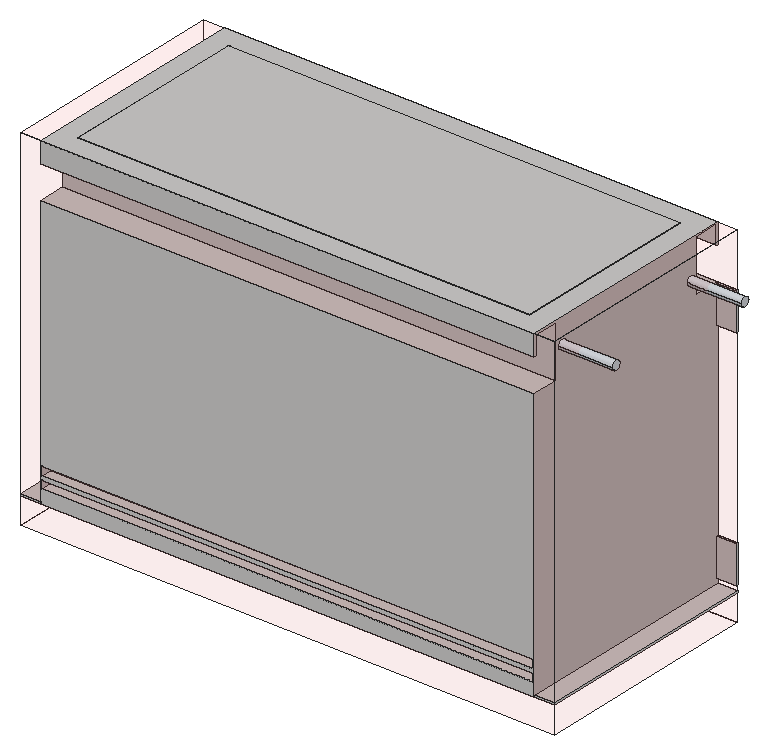
Revit family "Air-Curtain_Climate-Control_PoweredAire_THS", category Mechanical Equipment, host Face, Revit 2023
Family settings
  Host = Face
  Round Connector Dimension = Use Diameter
  Part Type = Normal
  OmniClass Number = 23.75.35.17.21
  OmniClass Title = Air Curtains
  Cut with Voids When Loaded = No
  Maintain Annotation Orientation = No
  Shared = No
  Room Calculation Point = No
Parameters
  upperrotation [instance] = if(Upper Pipe Connection Side A, 0.00°, 180.00°)  # 0.00°
  lowerrotation [instance] = if(Lower Pipe Connection Side A, 0.00°, 180.00°)  # 0.00°
  locateupperpipe [instance] = if(Upper Pipe Connection Side A, 0' 0", Nozzle Width)  # 0' - 0"
  locatelowerpipe [instance] = if(Lower Pipe Connection Side A, 0' 0", Nozzle Width)  # 0' - 0"
  Warranty Duration (Years) = 0
  Upper Pipe Connection Side A [instance] = yes
  Unit Width Notes = "Other Widths available."  # constant formula
  Unit Width = 3' - 3"
  Unit Weight = 0
  Unit Height = 1' - 4 3/4"
  Unit Depth [instance] = if(Include Filters, 2' 1 7/8", 1' 11 3/4")  # 1' - 11 3/4"
  URL = "http://www.poweredaire.com/"
  Test Data = ""
  Temperature Rise_Range = "as Specified"
  Standards Conformance = "as Specified"
  Specification = "http://www.arcat.com/sdspecs/htm04/23_34_33pai.htm"
  SpecWizard = ""
  Sound Pressure = "as Specified"
  Sales Information = "http://www.poweredaire.com/contact_us"
  Revision = "R1_2016-08"
  Projection from Host [instance] = 0' - 2"
  Product Properties = ""
  Product Data = "http://www.arcat.com/arcatcos/cos47/arc47623.html"
  Power Rating = 0 W
  Piping_Water Flow [instance] = 0 GPM
  Piping_Operating Pressure [instance] = 0.00 psi
  Piping_Exit Temperature [instance] = 0 °F
  Piping_Entry Temperature [instance] = 0 °F
  Pipe OD [instance] = 5/8"
  Outlet Volume_Range = "as Specified"
  Outlet Velocity_Range = "as Specified"
  Nozzle Width = if(1 = 1, Unit Width - 0' 3", 0' 0")  # 3' - 0"
  Mounting Width = if(1 = 1, Unit Width - 0' 1 1/2", 0' 0")  # 3' - 1 1/2"
  Mounting Height [instance] = 3' - 6"
  Motor RPM = 0
  Motor HP = 0
  Motor Count = 0
  Model = "As Specified"
  Max Height = 0' - 0"
  Manufacturer Website = "http://www.poweredaire.com/"
  Manufacturer Phone - Toll Free = "888-321-2473"
  Manufacturer Phone = "724-588-3305"
  Manufacturer Fax = "724-588-3371"
  Manufacturer Address = "109 Mortensen Rd.  Greenville, PA 16125"
  Manufacturer = "Powered Aire, Inc"
  Maintenance Schedule (Months) = 0
  Lower Pipe Connection Side A [instance] = yes
  Keynote = "23 34 33"
  Installation-Fabrication = ""
  Installation Phase = ""
  Include Filters [instance] = no
  Include Clearance [instance] = yes
  Heating Element Load = 0 W
  HVAC_Temperature Rise [instance] = 0 °F
  HVAC_Outlet Volume [instance] = 0 CFM
  HVAC_Outlet Velocity Uniformity = 0
  HVAC_Outlet Velocity [instance] = 0 FPM
  HVAC_BTU Input = 0.0 Btu/h
  Green Building-LEED = "http://www.arcat.com/green/clients/leed_data_47623.html"
  Front Grating Material [instance] = Metal - Steel - PoweredAire - Stainless 304 Perforated
  Frame Finish [instance] = Metal - Steel - PoweredAire - Stainless 304
  Expected Lifespan (Years) = 0
  Electrical_Wattage [instance] = Power Rating + Heating Element Load  # 0 W
  Electrical_Voltage [instance] = 0 V
  Electrical_Phase [instance] = 1
  Electrical_Frequency [instance] = 0 Hz
  Electrical_Amperage [instance] = 0 A
  Drawn By = "Sumex Design, Inc. / Robert S. Weygant, CSI, CDT, SCIP"
  Description = "Powered Aire Air Curtain as Specified"
  Default Elevation = 0' - 0"  # constant formula
  Copyright = "©Arcat Inc."
  Construction Details = "http://www.arcat.com/details/powair/prod3336.html"
  Clearance_Top [instance] = 0' - 0"
  Clearance_Side B [instance] = 0' - 0"
  Clearance_Side A [instance] = 0' - 0"
  Clearance_Intake [instance] = 0' - 0"
  Clearance_Bottom [instance] = 0' - 0"
  Clearance Material [instance] = ARCAT Clearance
  Building Codes = ""
  Available Options [instance] = "as Specified"
  Assembly Code = "D3090400"
Reference planes (in)
  plane 1 "Center (Elevation)": y = 0.13818
  plane 2: z = 0
  plane 3 "Center (Left/Right)": x = 0
  plane 4: y = 8.51318
  plane 5: y = -8.23682
  plane 6: x = -19.5
  plane 7: x = 19.5
  plane 8: z = 25.75
  plane 9 "FF": y = -41.86182
  plane 10: z = 2
  plane 11: x = 18
  plane 12: x = -18
  plane 13: y = 8.51318
  plane 14: y = -8.23682
  plane 15: x = -19.5
  plane 16: x = 19.5
  plane 17: z = 25.75
  plane 18: x = 17.9375
  plane 19: x = -17.9375
  plane 20: x = 18
  plane 21: x = 18
  plane 22: y = 6.01318
  plane 23: y = -5.73682
Forms (in)
  Extrusion 1, solid, material "Metal - Steel - PoweredAire - Stainless 304" <- "Frame Finish"
    sketch origin (0, 0, 0) x (0, 1, 0) y (0, 0, 1)
      loop
        line (-8.23682, 2) -> (8.51318, 2) -> (8.51318, 21.8125) -> (6.51318, 21.8125) -> (6.51318, 25.625) -> (8.38818, 25.625) -> (8.38818, 24.25) -> (8.51318, 24.25) -> (8.51318, 25.75) -> (-8.23682, 25.75) -> (-8.23682, 24.25) -> (-8.11182, 24.25) -> (-8.11182, 25.625) -> (-6.23682, 25.625) -> (-6.23682, 21.8125) -> (-8.23682, 21.8125) -> (-8.23682, 2)
    from -18 to 18
  Extrusion 2, solid, material "ARCAT Clearance" <- "Clearance Material", visible <- "Include Clearance"
    sketch origin (0, 0, 0) x (0, 1, 0) y (0, 0, 1)
      loop
        line (-8.23682, 25.75) -> (-8.23682, 0) -> (8.51318, 0) -> (8.51318, 25.75) -> (-8.23682, 25.75)
    from -19.5 to 19.5
  Extrusion 3, solid, material "Metal - Steel - PoweredAire - Stainless 304" <- "Frame Finish"
    sketch origin (-15.17702, -180, 2) x (-1, 0, 0) y (0, -1, 0)
      loop
        line (-33.17702, -188.51318) -> (-33.17702, -171.76318) -> (-34.67702, -171.76318) -> (-34.67702, -188.51318) -> (-33.17702, -188.51318)
      loop
        line (2.82298, -188.51318) -> (4.32298, -188.51318) -> (4.32298, -171.76318) -> (2.82298, -171.76318) -> (2.82298, -188.51318)
    from 0 to 0.125
  Extrusion 4, solid, material "Metal - Steel - PoweredAire - Stainless 304" <- "Frame Finish"
    sketch origin (-11.83813, 8.51318, 48) x (-1, 0, 0) y (0, 0, 1)
      loop
        line (-29.83813, -45.5) -> (-29.83813, -42.75) -> (-31.33813, -42.75) -> (-31.33813, -45.5) -> (-29.83813, -45.5)
      loop
        line (-29.83813, -28.9375) -> (-29.83813, -26.1875) -> (-31.33813, -26.1875) -> (-31.33813, -28.9375) -> (-29.83813, -28.9375)
      loop
        line (6.16187, -45.5) -> (7.66187, -45.5) -> (7.66187, -42.75) -> (6.16187, -42.75) -> (6.16187, -45.5)
      loop
        line (6.16187, -28.9375) -> (7.66187, -28.9375) -> (7.66187, -26.1875) -> (6.16187, -26.1875) -> (6.16187, -28.9375)
    from 0 to -0.125
  Extrusion 5, void
    sketch origin (0, 0, 0) x (0, 1, 0) y (0, 0, 1)
      loop
        line (-8.23682, 3) -> (-7.23682, 3) -> (-7.23682, 4.5) -> (-8.23682, 4.5) -> (-8.23682, 3.82425) -> (-7.38364, 3.82425) -> (-7.38364, 3.57425) -> (-8.23682, 3.57425) -> (-8.23682, 3)
    from -17.9375 to 17.9375
  Extrusion 6, solid, material "Metal - Steel - PoweredAire - Stainless 304 Perforated" <- "Front Grating Material"
    sketch origin (0, -8.23682, 25.75) x (0, 1, 0) y (-1, 0, 0)
      loop
        line (15.25, 16.5) -> (1.5, 16.5) -> (1.5, -16.5) -> (15.25, -16.5) -> (15.25, 16.5)
    from 0 to 0.03125
  Sweep 7, solid
    path origin (18, 6.01318, 0) x (1, 0, 0) y (0, 1, 0)
      loop
        line (0, 0) -> (4, 0)
    profile origin (20, 6.01318, 0) x (0, 1, 0) y (0, 0, 1)
      loop
        circle (0, 23) r 0.3125
  Sweep 8, solid
    path origin (18, -5.73682, 0) x (1, 0, 0) y (0, 1, 0)
      loop
        line (0, 0) -> (4, 0)
    profile origin (20, -5.73682, 0) x (0, 1, 0) y (0, 0, 1)
      loop
        circle (0, 24) r 0.3125
Cuts and joins
  Extrusion 5 cuts Extrusion 1
Lines and regions (in)
  reference lines
    curve 1: line (18, 6.01318, 0) -> (22.75, 6.01318, 0)
    curve 2: line (18, -5.73682, 0) -> (23.75, -5.73682, 0)
Dimensions and locks (in)
  equal spacing: plane 4, plane 1 "Center (Elevation)", plane 5
  "Unit Height": plane 4 to plane 5
  equal spacing: plane 6, plane 3 "Center (Left/Right)", plane 7
  "Unit Width": plane 6 to plane 7
  "Mounting Height": plane 1 "Center (Elevation)" to plane 9 "FF"
  "Projection from Host": plane 10 to level
  "Unit Depth": plane 8 to plane 10
  locked: plane 6 to plane 12 at 1.5
  locked: plane 11 to plane 7 at 1.5
  "Clearance_Side A": plane 7 to plane 16
  "Clearance_Side B": plane 15 to plane 6
  "Clearance_Top": plane 13 to plane 4
  "Clearance_Bottom": plane 5 to plane 14
  "Clearance_Intake": plane 17 to plane 8
  plane 5 to Extrusion 1 sketch curve to Extrusion 1 sketch curve = 0' - 0 1/8" locked, 0' - 1 7/8" locked
  Extrusion 1 sketch curve to Extrusion 1 sketch curve to plane 4 = 0' - 1 7/8" locked, 0' - 0 1/8" locked
  Extrusion 4 sketch curve to Extrusion 4 sketch curve to Extrusion 4 sketch curve to Extrusion 4 sketch curve to plane 10 = 0' - 2 3/4" locked, 1' - 1 13/16" locked, 0' - 2 3/4" locked, 0' - 0 1/2" locked
  Extrusion 4 sketch curve to Extrusion 4 sketch curve to Extrusion 4 sketch curve to Extrusion 4 sketch curve = 0' - 2 3/4" locked, 1' - 1 13/16" locked, 0' - 2 3/4" locked
  locked: Extrusion 4 sketch curve to plane 10 at 0.5
  plane 8 to Extrusion 1 sketch curve to Extrusion 1 sketch curve = 0' - 0 1/8" locked, 0' - 1 3/8" locked  (x2)
  locked: Extrusion 1 sketch curve to plane 10 at 19.8125  (x2)
  Extrusion 5 sketch curve to Extrusion 5 sketch curve to Extrusion 5 sketch curve to Extrusion 5 sketch curve to plane 10 = 0' - 0.67575" locked, 0' - 0 1/4" locked, 0' - 0.57425" locked, 0' - 1" locked
  plane 5 to Extrusion 5 sketch curve to Extrusion 5 sketch curve = 0' - 0.85319" locked, 0' - 0.14681" locked
  locked: plane 19 to plane 12 at 0.0625
  locked: plane 11 to plane 18 at 0.0625
  locked: plane 4 to Extrusion 6 sketch curve at 1.5
  locked: Extrusion 6 sketch curve to plane 5 at 1.5
  locked: Extrusion 6 sketch curve to plane 11 at 1.5
  locked: plane 12 to Extrusion 6 sketch curve at 1.5
  "locateupperpipe": plane 20 to plane 11
  "locatelowerpipe": plane 21 to plane 11
  locked: plane 4 to plane 22 at 2.5
  locked: plane 23 to plane 5 at 2.5
  locked: curve 1 to Sweep 7 sketch curve at 4
  locked: curve 1 to Sweep 7 sketch curve
  locked: Sweep 7 sketch curve to plane 10 at 21
  locked: curve 2 to Sweep 8 sketch curve at 4
  locked: curve 2 to Sweep 8 sketch curve
  locked: Sweep 8 sketch curve to plane 10 at 22
  "upperrotation": angle plane 22 to curve 1
  "lowerrotation": angle plane 23 to curve 2
  aligned and locked: plane 2 to host face
  aligned and locked: level to host face
  aligned and locked: Extrusion 2 sketch curve to plane 17
  aligned and locked: plane 14 to Extrusion 2 sketch curve
  aligned and locked: level to Extrusion 2 sketch curve
  aligned and locked: Extrusion 2 sketch curve to plane 13
  aligned and locked: plane 16 to Extrusion 2
  aligned and locked: Extrusion 2 to plane 15
  aligned and locked: plane 11 to Extrusion 1
  aligned and locked: Extrusion 1 to plane 12
  aligned and locked: plane 21 to curve 2
  aligned and locked: plane 23 to curve 2
  aligned and locked: plane 22 to curve 1
  aligned and locked: plane 20 to curve 1
Automatic sketch dimensions
  host sketch curve to host sketch curve = 8' - 0"  (x2)
  Extrusion 1 sketch curve to plane 5 = 0' - 0"  (x2)
  Extrusion 1 sketch curve to plane 4 = 0' - 0"  (x2)
  Extrusion 1 sketch curve to plane 10 = 0' - 0"
  Extrusion 1 sketch curve to plane 8 = 0' - 0"
  plane 4 to Extrusion 3 sketch curve = 0' - 0"
  Extrusion 3 sketch curve to plane 7 = 0' - 0"
  plane 5 to Extrusion 3 sketch curve = 0' - 0"
  Extrusion 3 sketch curve to plane 11 = 0' - 0"
  Extrusion 3 sketch curve to plane 4 = 0' - 0"
  Extrusion 3 sketch curve to plane 12 = 0' - 0"
  Extrusion 3 sketch curve to plane 6 = 0' - 0"
  Extrusion 3 sketch curve to plane 5 = 0' - 0"
  Extrusion 4 sketch curve to plane 7 = 0' - 0"  (x2)
  Extrusion 4 sketch curve to plane 11 = 0' - 0"  (x2)
  Extrusion 4 sketch curve to plane 12 = 0' - 0"  (x2)
  Extrusion 4 sketch curve to plane 6 = 0' - 0"  (x2)
  Extrusion 5 sketch curve to plane 5 = 0' - 0"  (x2)
  Sweep 7 sketch curve to profile plane = 0' - 0"
  Sweep 8 sketch curve to profile plane = 0' - 0"
  radius of Sweep 7 sketch curve = 0' - 0 5/16"
  radius of Sweep 8 sketch curve = 0' - 0 5/16"
Connectors (in)
  piping at (22, 6.01318, 23), diameter 0.625, driven by "Pipe OD", driven by "Piping_Water Flow"
    settings: on Sweep 7, index 1, connector inside diameter 24", connector length 0' - 0", flow factor 0, pipe flow 0 GPM, pressure drop 0.00 psi, fitting loss kfactor 0, connector angle 0.00°, fixture units 0, engagement length 0' - 0", angle of deflection 0.00°, flow configuration 0, flow direction 0, fitting loss method 0, system type 29, joint type 0, gender type 0, connector reference index -1, connector utility 0, adjustable connector no, is connector primary yes, connector description "Define Supply or Return and Location"
  piping at (22, -5.73682, 24), diameter 0.625, driven by "Pipe OD", driven by "Piping_Water Flow"
    settings: on Sweep 8, index 2, connector inside diameter 24", connector length 0' - 0", flow factor 0, pipe flow 0 GPM, pressure drop 0.00 psi, fitting loss kfactor 0, connector angle 0.00°, fixture units 0, engagement length 0' - 0", angle of deflection 0.00°, flow configuration 0, flow direction 0, fitting loss method 0, system type 29, joint type 0, gender type 0, connector reference index -1, connector utility 0, adjustable connector no, is connector primary no, connector description "Define Supply or Return and Location"
  electrical at (-18, 0.13818, 21.39062), driven by "Electrical_Voltage", driven by "Electrical_Phase"
    settings: on cut or joined group of Extrusion 1, Extrusion 5, index 3, voltage 0 V, apparent load 0 VA, apparent load phase1 0 VA, apparent load phase2 0 VA, apparent load phase3 0 VA, power factor 1, load classification "Motor", number of poles 1, system type 31, power factor state 1, is connector primary yes, connector utility no, sub classification motor no, connector description ""
